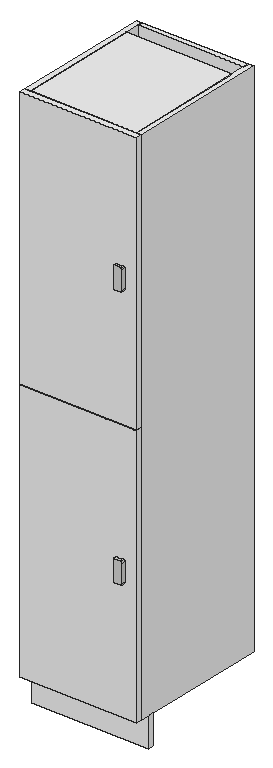
Revit family "Lockin Lockers AU_Shelving Locker_R22", category Furniture, Revit 2022
Family settings
  OmniClass Number = 23.40.20.27
  OmniClass Title = Storage Shelving
  Work Plane-Based = Yes
  Always vertical = Yes
  Cut with Voids When Loaded = No
  Render Appearance Source = Family Geometry
  Shared = Yes
  Room Calculation Point = No
Parameters (values of type "Shelving Locker 2 door (H2)")
  vis_Cubby 4 = if(and(N_Doors < 5, N_Doors > 3), 1 = 1, 1 = 0)  # no
  vis_Cubby 3 = if(and(N_Doors < 5, N_Doors > 2), 1 = 1, 1 = 0)  # no
  vis_Cubby 2 = if(N_Doors < 5, 1 = 1, 1 = 0)  # yes
  vis_Cubby 1 = if(N_Doors < 5, 1 = 1, 1 = 0)  # yes
  Width Control = if(Desired Width > Maximum Width, Maximum Width, if(Desired Width < Minimum Width, Minimum Width, Desired Width))  # 400 mm
  URL = "https://www.lockin.com.au/lockers/shelving-lockers/h2-locker"
  TH Wall = 18 mm  # constant formula
  Offfset Cubby = 180 mm  # constant formula
  N_Shelves = N_Doors  # 2
  N_Doors = 2
  Locker Joint = 3 mm  # constant formula
  Height Control = if(Desired Height > Maximum Height, Maximum Height, if(Desired Height < Minimum Height, Minimum Height, Desired Height))  # 1900 mm
  Desired Base Height = 100 mm
  Minimum Width = 300 mm  # constant formula
  Minimum Height = 1800 mm  # constant formula
  Minimum Depth = 200 mm  # constant formula
  Minimum Base Height = 80 mm  # constant formula
  Maximum Width = 600 mm  # constant formula
  Maximum Height = 2100 mm  # constant formula
  Maximum Depth = 600 mm  # constant formula
  Maximum Base Height = 450 mm  # constant formula
  LH Door Swing [instance] = not(RH Door Swing)  # no
  Model = "H2"
  Manufacturer = "Lockin Lockers AU"  # constant formula
  RH Door Swing [instance] = yes
  H Locker = ((Height Control - Base Height Control) / (N_Doors)) - ((Locker Joint * (N_Doors - 1)) / N_Doors)  # 898.5 mm
  Door Type = Lockin_Locker Door_Standard_R22 : Standard Door/Combination Lock
  Door Material = Material - Melamine - Laminex or Polytec Finish
  Description = "Shelving Locker 2 door"
  Depth Control = if(Desired Depth > Maximum Depth, Maximum Depth, if(Desired Depth < Minimum Depth, Minimum Depth, Desired Depth))  # 500 mm
  Default Elevation = 0 mm  # constant formula
  Desired Height = 1900 mm
  Desired Depth = 500 mm
  Desired Width = 400 mm
  Body/Frame Material = Material - Melamine - Laminex or Polytec Finish
  Base Height Control = if(Desired Base Height > Maximum Base Height, Maximum Base Height, if(Desired Base Height < Minimum Base Height, Minimum Base Height, Desired Base Height))  # 100 mm
  Assembly Code = ""
Types (5, lengths in mm): name | vis_Cubby 4 | vis_Cubby 3 | vis_Cubby 2 | vis_Cubby 1 | URL | N_Shelves | N_Doors | Model | H Locker | Description
  (no name) | no | no | yes | yes | "https://www.lockin.com.au/lockers/shelving-lockers/h2-locker" | 2 | 2 | "H2" | 898.5 | "Shelving Locker 2 door"
  Shelving Locker 2 door (H2) | no | no | yes | yes | "https://www.lockin.com.au/lockers/shelving-lockers/h2-locker" | 2 | 2 | "H2" | 898.5 | "Shelving Locker 2 door"
  Shelving Locker 3 door (H3) | no | yes | yes | yes | "https://www.lockin.com.au/lockers/shelving-lockers/h3-locker" | 3 | 3 | "H3" | 598 | "Shelving Locker 3 door"
  Shelving Locker 4 door (H4) | yes | yes | yes | yes | "https://www.lockin.com.au/lockers/shelving-lockers/h4-locker" | 4 | 4 | "H4" | 447.75 | "Shelving Locker 4 door"
  Shelving Locker 5 door (H5) | no | no | no | no | "https://www.lockin.com.au/lockers/shelving-lockers/h5-locker" | 5 | 5 | "H5" | 357.6 | "Shelving Locker 5 door"
Reference planes
  plane 1 "Back": y = -2057.4
  plane 2 "Bottom": z = 0
  plane 3 "Right": x = 271.334
  plane 4 "Left": x = -128.666
  plane 5 "Front": y = -2557.4
  plane 6 "Top": z = 1900
  plane 7 "T. Legs": z = 0
  plane 8 "T. Base": z = 100
  plane 9 "B. Top": z = 1882
  plane 10 "Left Inside": x = -110.666
  plane 11 "Front Inside": y = -2538.4
  plane 12 "Right Inside": x = 253.334
  plane 13 "Back Inside": y = -2075.4
  plane 14 "4P": z = 118
  plane 15 "Center (Left/Right)": x = 71.334
  plane 16 "Front Base": y = -2507.4
  plane 17 "Back Base": y = -2489.4
  plane 18 "Left5": y = -2536.4
  plane 19 "Bottom Shelf 1": z = 980.5
  plane 20 "Bottom Shelf 2": z = 1882
  plane 21 "H Locker": z = 998.5
  plane 22 "Top Joint": z = 1001.5
  plane 23 "Floating Shelf Right Inside": x = 89.334
  plane 24 "Floating Shelf Right Outside": x = 107.334
  plane 25 "Floating Shelf Front": y = -2343.4
  plane 26 "Center (Front/Back)": y = -2307.4
  plane 27: z = 1900
  plane 28: z = 1903
  plane 29 "Cubby 1 top": z = 800.5
  plane 30 "cubby 1 bottom'": z = 782.5
  plane 31 "cubby 2 top": z = 1702
  plane 32 "cubby 2 bottom": z = 1684
  plane 33: z = 2801.5
  plane 34: z = 2804.5
  plane 35: z = 3703
  plane 36 "cubby 3 top": z = 2621.5
  plane 37 "cubby 3 bottom": z = 2603.5
  plane 38 "cubby 4 top": z = 3523
  plane 39 "cubby 4 bottom": z = 3505
Forms (mm)
  Extrusion 1, solid, material "Material - Melamine - Laminex or Polytec Finish" <- "Body/Frame Material"
    sketch origin (0, -2557.4, -1625.6) x (1, 0, 0) y (0, 0, 1)
      loop
        line (-110.666, 1725.6) -> (253.334, 1725.6) -> (253.334, 1743.6) -> (-110.666, 1743.6) -> (-110.666, 1725.6)
    from -432 to -21
  Extrusion 2, solid, material "Material - Melamine - Laminex or Polytec Finish" <- "Body/Frame Material"
    sketch origin (0, 0, 0) x (1, 0, 0) y (0, 1, 0)
      loop
        line (-128.666, -2057.4) -> (-128.666, -2536.4) -> (-110.666, -2536.4) -> (-110.666, -2057.4) -> (-128.666, -2057.4)
    from 100 to 1900
  Extrusion 3, solid, material "Material - Melamine - Laminex or Polytec Finish" <- "Body/Frame Material"
    sketch origin (0, 0, 0) x (1, 0, 0) y (0, 1, 0)
      loop
        line (-110.666, -2057.4) -> (-110.666, -2075.4) -> (253.334, -2075.4) -> (253.334, -2057.4) -> (-110.666, -2057.4)
    from 100 to 1900
  Extrusion 4, solid, material "Material - Melamine - Laminex or Polytec Finish" <- "Body/Frame Material"
    sketch origin (2266.95, 0, 0) x (1, 0, 0) y (0, 1, 0)
      loop
        line (-2013.616, -2057.4) -> (-2013.616, -2536.4) -> (-1995.616, -2536.4) -> (-1995.616, -2057.4) -> (-2013.616, -2057.4)
    from 100 to 1900
  Extrusion 5, solid, material "Material - Melamine - Laminex or Polytec Finish" <- "Body/Frame Material"
    sketch origin (0, 0, 0) x (1, 0, 0) y (0, 1, 0)
      loop
        line (271.334, -2507.4) -> (271.334, -2489.4) -> (-128.666, -2489.4) -> (-128.666, -2507.4) -> (271.334, -2507.4)
    from 0 to 100
  Extrusion 6, solid, material "Material - Melamine - Laminex or Polytec Finish" <- "Body/Frame Material"
    sketch origin (0, -2544.9, -724.1) x (1, 0, 0) y (0, 0, 1)
      loop
        line (-110.666, 1725.6) -> (253.334, 1725.6) -> (253.334, 1743.6) -> (-110.666, 1743.6) -> (-110.666, 1725.6)
    from -432 to -21
  Extrusion 7, solid, material "Material - Melamine - Laminex or Polytec Finish" <- "Body/Frame Material"
    sketch origin (0, -2507.4, -183.6) x (1, 0, 0) y (0, 0, 1)
      loop
        line (-110.666, 2065.6) -> (253.334, 2065.6) -> (253.334, 2083.6) -> (-110.666, 2083.6) -> (-110.666, 2065.6)
    from -382 to 29
  Extrusion 8, solid, material "Material - Melamine - Laminex or Polytec Finish" <- "Body/Frame Material", visible <- "vis_Cubby 1"
    sketch origin (0, 0, 800.5) x (-1, 0, 0) y (0, -1, 0)
      loop
        line (110.666, 2075.4) -> (110.666, 2536.4) -> (-253.334, 2536.4) -> (-253.334, 2075.4) -> (110.666, 2075.4)
    from -18 to 0
  Extrusion 9, solid, material "Material - Melamine - Laminex or Polytec Finish" <- "Body/Frame Material", visible <- "vis_Cubby 2"
    sketch origin (-540, 0, 1702) x (-1, 0, 0) y (0, -1, 0)
      loop
        line (-429.334, 2075.4) -> (-429.334, 2536.4) -> (-793.334, 2536.4) -> (-793.334, 2075.4) -> (-429.334, 2075.4)
    from -18 to 0
  Extrusion 10, solid, material "Material - Melamine - Laminex or Polytec Finish" <- "Body/Frame Material", visible <- "vis_Cubby 3"
    sketch origin (-1000, 0, 2621.5) x (-1, 0, 0) y (0, -1, 0)
      loop
        line (-889.334, 2075.4) -> (-889.334, 2536.4) -> (-1253.334, 2536.4) -> (-1253.334, 2075.4) -> (-889.334, 2075.4)
    from -18 to 0
  Extrusion 11, solid, material "Material - Melamine - Laminex or Polytec Finish" <- "Body/Frame Material", visible <- "vis_Cubby 4"
    sketch origin (-1480, 0, 3523) x (-1, 0, 0) y (0, -1, 0)
      loop
        line (-1369.334, 2075.4) -> (-1369.334, 2536.4) -> (-1733.334, 2536.4) -> (-1733.334, 2075.4) -> (-1369.334, 2075.4)
    from -18 to 0
Dimensions and locks
  "Desired Depth": plane 5 "Front" to plane 1 "Back"
  "Desired Height": plane 6 "Top" to level
  "TH Wall": plane 6 "Top" to plane 9 "B. Top"
  "TH Wall": plane 13 "Back Inside" to plane 1 "Back"
  "TH Wall": plane 14 "4P" to plane 8 "T. Base"
  "TH Wall": plane 4 "Left" to plane 10 "Left Inside"
  "TH Wall": plane 12 "Right Inside" to plane 3 "Right"
  "Desired Width": plane 4 "Left" to plane 3 "Right"
  equal spacing: plane 4 "Left", plane 15 "Center (Left/Right)", plane 3 "Right"
  locked: plane 5 "Front" to plane 16 "Front Base" at 50
  locked: plane 16 "Front Base" to plane 17 "Back Base" at 18
  plane 5 "Front" to plane 11 "Front Inside" = 19 mm
  locked: plane 11 "Front Inside" to plane 18 "Left5" at 2
  "H Locker": plane 21 "H Locker" to plane 8 "T. Base"
  "Locker Joint": plane 22 "Top Joint" to plane 21 "H Locker"
  locked: plane 10 "Left Inside" to plane 23 "Floating Shelf Right Inside" at 200
  "TH Wall": plane 23 "Floating Shelf Right Inside" to plane 24 "Floating Shelf Right Outside"
  locked: plane 13 "Back Inside" to plane 25 "Floating Shelf Front" at 268
  equal spacing: plane 1 "Back", plane 26 "Center (Front/Back)", plane 5 "Front"
  "TH Wall": plane 21 "H Locker" to plane 19 "Bottom Shelf 1"
  "Locker Joint": plane 28 to plane 27
  "H Locker": plane 27 to plane 22 "Top Joint"
  "TH Wall": plane 27 to plane 20 "Bottom Shelf 2"
  group 1 to group 2 = 0 mm
  group 1 to group 2 = 12.5 mm
  group 1 to group 2 = 901.5 mm
  plane 28 to plane 6 "Top" = 3 mm
  group 3 to group 4 = 0 mm  (x2)
  group 3 to group 4 = 901.5 mm
  "Base Height Control": plane 8 "T. Base" to level
  "TH Wall": plane 29 "Cubby 1 top" to plane 30 "cubby 1 bottom'"
  "Offfset Cubby": plane 19 "Bottom Shelf 1" to plane 29 "Cubby 1 top"
  "TH Wall": plane 31 "cubby 2 top" to plane 32 "cubby 2 bottom"
  "Offfset Cubby": plane 20 "Bottom Shelf 2" to plane 31 "cubby 2 top"
  "Locker Joint": plane 34 to plane 33
  "H Locker": plane 33 to plane 28
  "H Locker": plane 35 to plane 34
  "TH Wall": plane 36 "cubby 3 top" to plane 37 "cubby 3 bottom"
  "TH Wall": plane 38 "cubby 4 top" to plane 39 "cubby 4 bottom"
  "Offfset Cubby": plane 33 to plane 36 "cubby 3 top"
  "Offfset Cubby": plane 35 to plane 38 "cubby 4 top"
  aligned and locked: level to plane 2 "Bottom"
  aligned and locked: plane 10 "Left Inside" to Extrusion 1
  aligned and locked: Extrusion 1 to plane 12 "Right Inside"
  aligned and locked: plane 4 "Left" to Extrusion 2
  aligned and locked: Extrusion 2 to Extrusion 1
  aligned and locked: Extrusion 2 to plane 1 "Back"
  aligned and locked: Extrusion 1 to Extrusion 3
  aligned and locked: Extrusion 3 to Extrusion 1
  aligned and locked: Extrusion 3 to plane 1 "Back"
  aligned and locked: plane 13 "Back Inside" to Extrusion 3
  aligned and locked: plane 3 "Right" to Extrusion 4
  aligned and locked: Extrusion 4 to Extrusion 1
  aligned and locked: Extrusion 4 to plane 1 "Back"
  aligned and locked: Extrusion 2 to plane 8 "T. Base"
  aligned and locked: plane 14 "4P" to Extrusion 1
  aligned and locked: Extrusion 1 to plane 8 "T. Base"
  aligned and locked: Extrusion 3 to plane 8 "T. Base"
  aligned and locked: Extrusion 4 to plane 8 "T. Base"
  aligned and locked: plane 3 "Right" to Extrusion 5
  aligned and locked: plane 16 "Front Base" to Extrusion 5
  aligned and locked: Extrusion 5 to plane 17 "Back Base"
  aligned and locked: plane 4 "Left" to Extrusion 5
  aligned and locked: Extrusion 5 to level
  aligned and locked: plane 18 "Left5" to Extrusion 2
  aligned and locked: plane 18 "Left5" to Extrusion 4
  aligned and locked: Extrusion 1 to Extrusion 4
  aligned and locked: plane 6 "Top" to Extrusion 2
  aligned and locked: plane 6 "Top" to Extrusion 3
  aligned and locked: plane 6 "Top" to Extrusion 4
  aligned and locked: Extrusion 7 to plane 9 "B. Top"
  aligned and locked: plane 6 "Top" to Extrusion 7
  aligned and locked: Extrusion 7 to Extrusion 1  (x4)
  aligned and locked: plane 15 "Center (Left/Right)" to nested 1
  aligned and locked: plane 22 "Top Joint" to nested 2
  aligned and locked: Extrusion 6 to plane 22 "Top Joint"
  aligned and locked: Extrusion 8 to Extrusion 1
  aligned and locked: Extrusion 8 to plane 30 "cubby 1 bottom'"
  aligned and locked: plane 29 "Cubby 1 top" to Extrusion 8
  aligned and locked: plane 31 "cubby 2 top" to Extrusion 9
  aligned and locked: Extrusion 9 to plane 32 "cubby 2 bottom"
  aligned and locked: Extrusion 9 sketch curve to plane 10 "Left Inside"
  aligned and locked: plane 13 "Back Inside" to Extrusion 9 sketch curve
  aligned and locked: plane 12 "Right Inside" to Extrusion 9 sketch curve
  aligned and locked: Extrusion 9 sketch curve to plane 18 "Left5"
  aligned and locked: Extrusion 10 to plane 37 "cubby 3 bottom"
  aligned and locked: plane 36 "cubby 3 top" to Extrusion 10
  aligned and locked: Extrusion 10 sketch curve to plane 10 "Left Inside"
  aligned and locked: plane 13 "Back Inside" to Extrusion 10 sketch curve
  aligned and locked: plane 12 "Right Inside" to Extrusion 10 sketch curve
  aligned and locked: Extrusion 10 sketch curve to plane 18 "Left5"
  aligned and locked: Extrusion 11 to plane 39 "cubby 4 bottom"
  aligned and locked: plane 38 "cubby 4 top" to Extrusion 11
  aligned and locked: Extrusion 11 sketch curve to plane 10 "Left Inside"
  aligned and locked: plane 13 "Back Inside" to Extrusion 11 sketch curve
  aligned and locked: plane 12 "Right Inside" to Extrusion 11 sketch curve
  aligned and locked: Extrusion 11 sketch curve to plane 18 "Left5"
Automatic sketch dimensions
  Extrusion 1 sketch curve to Extrusion 1 sketch curve = 364 mm
  Extrusion 1 sketch curve to Extrusion 1 sketch curve = 18 mm
  Extrusion 6 sketch curve to Extrusion 6 sketch curve = 364 mm
  Extrusion 6 sketch curve to Extrusion 6 sketch curve = 18 mm
  Extrusion 2 sketch curve to plane 4 "Left" = 0 mm
  Extrusion 2 sketch curve to plane 10 "Left Inside" = 0 mm
  plane 18 "Left5" to Extrusion 2 sketch curve = 0 mm
  plane 1 "Back" to Extrusion 2 sketch curve = 0 mm
  Extrusion 3 sketch curve to plane 10 "Left Inside" = 0 mm
  Extrusion 3 sketch curve to plane 12 "Right Inside" = 0 mm
  plane 13 "Back Inside" to Extrusion 3 sketch curve = 0 mm
  plane 1 "Back" to Extrusion 3 sketch curve = 0 mm
  Extrusion 4 sketch curve to plane 12 "Right Inside" = 0 mm
  Extrusion 4 sketch curve to plane 3 "Right" = 0 mm
  plane 18 "Left5" to Extrusion 4 sketch curve = 0 mm
  plane 1 "Back" to Extrusion 4 sketch curve = 0 mm
  Extrusion 5 sketch curve to plane 4 "Left" = 0 mm
  Extrusion 5 sketch curve to plane 3 "Right" = 0 mm
  plane 16 "Front Base" to Extrusion 5 sketch curve = 0 mm
  plane 17 "Back Base" to Extrusion 5 sketch curve = 0 mm
  Extrusion 7 sketch curve to plane 6 "Top" = 0 mm
  plane 10 "Left Inside" to Extrusion 7 sketch curve = 0 mm
  plane 12 "Right Inside" to Extrusion 7 sketch curve = 0 mm
  Extrusion 7 sketch curve to plane 9 "B. Top" = 0 mm
  Extrusion 8 sketch curve to plane 12 "Right Inside" = 0 mm
  Extrusion 8 sketch curve to plane 10 "Left Inside" = 0 mm
  plane 13 "Back Inside" to Extrusion 8 sketch curve = 0 mm
  plane 18 "Left5" to Extrusion 8 sketch curve = 0 mm
Nested families
  nested 1: "Lockin_Locker Door_Standard_R22" at (20, -481, 100), W Locker <- "Width Control", H Locker <- "H Locker", Locker Material <- "Body/Frame Material", type <- "Door Type", LH <- "LH Door Swing", RH <- "RH Door Swing", type "Standard Door/Combination Lock"
    with W Locker 400 mm, Std RH yes, Std LH no, RH yes, Locker Material Material - Melamine - Laminex or Polytec Finish, LH no, H Locker 898.5 mm
  nested 2: "Lockin_Locker Door_Standard_R22" at (20, -481, 1001.5), W Locker <- "Width Control", H Locker <- "H Locker", Locker Material <- "Body/Frame Material", type <- "Door Type", LH <- "LH Door Swing", RH <- "RH Door Swing", type "Standard Door/Combination Lock"
    with W Locker 400 mm, Std RH yes, Std LH no, RH yes, Locker Material Material - Melamine - Laminex or Polytec Finish, LH no, H Locker 898.5 mm
Definition of nested family "Lockin_Locker Door_Standard_R22"
  Parameters (values of type "Standard Door/Combination Lock")
    W Locker [instance] = 457.2 mm
    URL = ""
    TH Locker = 18.999 mm  # constant formula
    Std RH [instance] = if(and(Standard Door, RH), 1 = 1, 1 = 0)  # yes
    Std LH [instance] = if(and(Standard Door, LH), 1 = 1, 1 = 0)  # no
    Standard Door = yes
    RH [instance] = yes
    Model = ""
    Manufacturer = "Lockin Lockers"  # constant formula
    Lock Type = Lockin_Lock_R22 : Combination Lock
    LH [instance] = no
    H Locker [instance] = 1270 mm
    Description = ""
    Locker Material [instance] = none
    Default Elevation = 1219.2 mm
  Types (2, lengths in mm): name | Lock Type
    Standard Door/Combination Lock | Lockin_Lock_R22 : Combination Lock
    Standard Door/OCS Lock | Lockin_Lock_R22 : OCS Lock
  Reference planes
    plane 1 "Back": y = -2057.4
    plane 2 "Bottom": z = 0
    plane 3 "Left": x = 308.534
    plane 4 "Right": x = -148.666
    plane 5 "Top": z = 1270
    plane 6 "Front": y = -2076.399
    plane 7 "W Lock LH": x = -91.516
    plane 8 "H Lock": z = 635
    plane 9 "W Lock RH": x = 251.384
    plane 10: z = 970
    plane 11: z = 300
    plane 12 "Center (Left/Right)": x = 79.934
    plane 13 "wave bottom": z = 150
    plane 14 "wave top": z = 1120
  Forms (mm)
    Extrusion 1, solid, material <- "Locker Material", visible <- "Standard Door"
      sketch origin (0, -2076.399, 0) x (1, 0, 0) y (0, 0, 1)
        loop
          line (-148.666, 1270) -> (-148.666, 0) -> (308.534, 0) -> (308.534, 1270) -> (-148.666, 1270)
      from -18.999 to 0
  Dimensions and locks
    "W Locker": plane 4 "Right" to plane 3 "Left"
    "TH Locker": plane 6 "Front" to plane 1 "Back"
    "H Locker": plane 5 "Top" to level
    locked: plane 4 "Right" to plane 7 "W Lock LH" at 57.15
    locked: plane 3 "Left" to plane 9 "W Lock RH" at 57.15
    equal spacing: plane 5 "Top", plane 8 "H Lock", level
    locked: plane 5 "Top" to plane 10 at 300
    locked: plane 11 to level at 300
    equal spacing: plane 4 "Right", plane 12 "Center (Left/Right)", plane 3 "Left"
    equal spacing: plane 5 "Top", plane 14 "wave top", plane 10
    equal spacing: plane 11, plane 13 "wave bottom", level
    aligned and locked: level to plane 2 "Bottom"
    aligned and locked: plane 5 "Top" to Extrusion 1
    aligned and locked: plane 3 "Left" to Extrusion 1
    aligned and locked: Extrusion 1 to level
    aligned and locked: plane 4 "Right" to Extrusion 1
    aligned and locked: Extrusion 1 to plane 1 "Back"
    aligned and locked: plane 6 "Front" to Extrusion 1
    aligned and locked: plane 9 "W Lock RH" to nested 2
    aligned and locked: nested 1 to plane 7 "W Lock LH"
    aligned and locked: plane 6 "Front" to nested 1
    aligned and locked: plane 6 "Front" to nested 2
  Automatic sketch dimensions
    Extrusion 1 sketch curve to level = 0 mm
    plane 4 "Right" to Extrusion 1 sketch curve = 0 mm
    Extrusion 1 sketch curve to plane 3 "Left" = 0 mm
    Extrusion 1 sketch curve to plane 5 "Top" = 0 mm
  Nested families
    nested 1: "Lockin_Lock_R22" at (-1009.65, -18.999, 635), visible <- "Std LH", type <- "Lock Type", type "Combination Lock"
    nested 2: "Lockin_Lock_R22" at (-666.75, -18.999, 635), visible <- "Std RH", type <- "Lock Type", type "Combination Lock"
  Definition of nested family "Lockin_Lock_R22"
    Parameters (values of type "OCS Lock")
      vis_Combination = no
      vis_OCS = yes
      W = 50 mm
      URL = ""
      Lock Material = none
      Model = ""
      Manufacturer = "Lockin Lockers"  # constant formula
      H = 75 mm
      Description = ""
      Default Elevation = 0 mm
      D = 15 mm
    Types (2, lengths in mm): name | vis_Combination | vis_OCS | W | D
      OCS Lock | no | yes | 50 | 15
      Combination Lock | yes | no | 30 | 10
    Reference planes
      plane 1 "Back": y = -2057.4
      plane 2: z = 0
      plane 3 "Left": x = 918.134
      plane 4 "Center (Left/Right)": x = 918.134
      plane 5: x = 943.134
      plane 6: x = 893.134
      plane 7 "Front": y = -2072.4
      plane 8: z = 37.5
      plane 9: z = -37.5
    Forms (mm)
      Extrusion 1, solid, material <- "Lock Material"
        sketch origin (0, -2057.4, 0) x (1, 0, 0) y (0, 0, 1)
          loop
            arc (898.134, 37.5) -> (894.598, 36.036) -> (893.134, 32.5) r 5
            line (893.134, 32.5) -> (893.134, -32.5)
            arc (893.134, -32.5) -> (894.598, -36.036) -> (898.134, -37.5) r 5
            line (898.134, -37.5) -> (938.134, -37.5)
            arc (938.134, -37.5) -> (941.669, -36.036) -> (943.134, -32.5) r 5
            line (943.134, -32.5) -> (943.134, 32.5)
            arc (943.134, 32.5) -> (941.669, 36.036) -> (938.134, 37.5) r 5
            line (938.134, 37.5) -> (898.134, 37.5)
        from 0 to 15
    Dimensions and locks
      "D": plane 1 "Back" to plane 7 "Front"
      equal spacing: plane 6, plane 4 "Center (Left/Right)", plane 5
      "H": plane 8 to plane 9
      "W": plane 6 to plane 5
      equal spacing: plane 8, level, plane 9
      aligned and locked: level to plane 2
      aligned and locked: plane 6 to Extrusion 1 sketch curve
      aligned and locked: Extrusion 1 sketch curve to plane 8
      aligned and locked: plane 5 to Extrusion 1 sketch curve
      aligned and locked: plane 9 to Extrusion 1 sketch curve
      aligned and locked: Extrusion 1 to plane 1 "Back"
      aligned and locked: Extrusion 1 to plane 7 "Front"
    Automatic sketch dimensions
      plane 6 to Extrusion 1 sketch curve = 5 mm  (x2)
      plane 5 to Extrusion 1 sketch curve = 5 mm  (x2)
